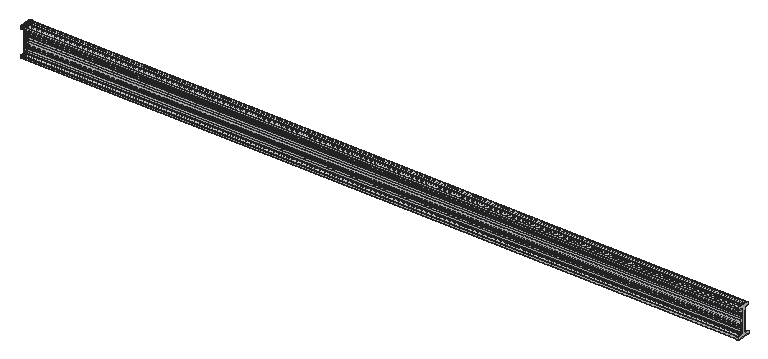
Revit family "Xbeam - 10m Beam Only", category Structural Framing, Revit 2017
Family settings
  Structural Framing Length Roundoff = 0 mm
  Section Shape = Not Defined
  Material for Model Behavior = Other
  Always export as geometry = No
  Work Plane-Based = No
  Always vertical = Yes
  Cut with Voids When Loaded = No
  Symbolic Representation = From Family
  Shared = No
  Show family pre-cut in plan views = Yes
Parameters
  Real Primary Bearer Lenght = 10000 mm
Reference planes
  plane 1 "Center (Front/Back)": y = 0
  plane 2: z = 0
  plane 3 "Center (Left/Right)": x = 0
  plane 4 "Primary Bearer Lenght": x = 10000
  plane 5: x = 1.6
  plane 6: x = 9998.4
  plane 7: y = -82.5
  plane 8: y = -165
Forms (mm)
  Extrusion 1, solid
    sketch origin (0, 0, 0) x (0, 1, 0) y (0, 0, 1)
      loop
        line (-0.678, 34.308) -> (-62.78, 38.65)
        arc (-62.78, 38.65) -> (-63.292, 38.894) -> (-63.5, 39.423) r 0.774
        line (-63.5, 39.423) -> (-63.5, 43.996) -> (-64.144, 44.529) -> (-63.5, 45.004) -> (-63.5, 48.967) -> (-64.8, 47.667) -> (-64.8, 35.048) -> (-63.5, 35.048) -> (-63.5, 36.51)
        arc (-63.5, 36.51) -> (-63.296, 36.979) -> (-62.815, 37.149) r 0.64
        line (-62.815, 37.149) -> (-4.73, 33.087)
        arc (-4.73, 33.087) -> (-4.069, 32.772) -> (-3.8, 32.09) r 1
        arc (-3.8, 32.09) -> (-3.406, 30.553) -> (-2.323, 29.394) r 3.2
        arc (-2.323, 29.394) -> (-1.59, 29.462) -> (-1.474, 30.188) r 0.6
        arc (-1.474, 30.188) -> (-1.845, 30.564) -> (-2.359, 30.688) r 0.963
        arc (-2.359, 30.688) -> (-2.867, 31.704) -> (-2.446, 32.76) r 1.389
        arc (-2.446, 32.76) -> (-1.679, 32.934) -> (-1.174, 32.33) r 0.755
        arc (-1.174, 32.33) -> (-0.734, 31.492) -> (0, 32.091) r 0.611
        line (0, 32.091) -> (0, 33.581)
        arc (0, 33.581) -> (-0.196, 34.078) -> (-0.678, 34.308) r 0.728
    from 1.6 to 9998.4
  Extrusion 2, solid
    sketch origin (0, 0, 0) x (0, 1, 0) y (0, 0, 1)
      loop
        line (-3, 2.8) -> (-12.75, 2.8) -> (-52.43, 2.8)
        arc (-52.43, 2.8) -> (-53.23, 3.6) -> (-54.03, 2.8) r 0.8
        line (-54.03, 2.8) -> (-63.5, 2.8) -> (-63.5, 3.946) -> (-64.119, 4.656) -> (-63.5, 5.677) -> (-63.5, 6.477) -> (-64.03, 7.085) -> (-63.5, 7.684) -> (-63.5, 8.977) -> (-64.03, 9.585) -> (-63.5, 10.184) -> (-63.5, 11.477) -> (-64.03, 12.085) -> (-63.5, 12.684) -> (-63.5, 13.977) -> (-64.03, 14.585) -> (-63.5, 15.184) -> (-63.5, 16.477) -> (-64.03, 17.085) -> (-63.5, 17.684) -> (-63.5, 18.977) -> (-64.03, 19.585) -> (-63.5, 20.184) -> (-63.5, 21.477) -> (-64.03, 22.085) -> (-63.5, 22.684) -> (-63.5, 23.977) -> (-64.03, 24.585) -> (-63.5, 25.184) -> (-63.5, 26.477) -> (-64.03, 27.085) -> (-63.5, 27.684) -> (-63.5, 34.299)
        arc (-63.5, 34.299) -> (-63.93, 34.702) -> (-64.5, 34.848) r 1.185
        arc (-64.5, 34.848) -> (-64.854, 34.995) -> (-65, 35.348) r 0.5
        line (-65, 35.348) -> (-65, 37.776) -> (-65.5, 39.274) -> (-65.5, 41.598) -> (-65, 42.921) -> (-65, 47.75) -> (-63.5, 49.25) -> (-63.5, 50.051) -> (-65.5, 50.051) -> (-65.5, 138.65)
        arc (-65.5, 138.65) -> (-66.063, 139.383) -> (-66.917, 139.029) r 0.759
        line (-66.917, 139.029) -> (-68.3, 136.633) -> (-68.3, 132.637) -> (-67.766, 132.042) -> (-68.3, 131.439) -> (-68.3, 130.127) -> (-67.766, 129.531) -> (-68.3, 128.928) -> (-68.3, 127.616) -> (-67.766, 127.02) -> (-68.3, 126.417) -> (-68.3, 125.105) -> (-67.766, 124.509) -> (-68.3, 123.907) -> (-68.3, 122.594) -> (-67.766, 121.999) -> (-68.3, 121.396) -> (-68.3, 120.083) -> (-67.766, 119.488) -> (-68.3, 118.885) -> (-68.3, 117.573) -> (-67.766, 116.977) -> (-68.3, 116.374) -> (-68.3, 115.062) -> (-67.766, 114.466) -> (-68.3, 113.863) -> (-68.3, 111.84) -> (-68.8, 110.926) -> (-68.8, 107.393)
        arc (-68.8, 107.393) -> (-69.023, 106.856) -> (-69.56, 106.633) r 0.76
        line (-69.56, 106.633) -> (-75.665, 106.633)
        arc (-75.665, 106.633) -> (-76.156, 106.8) -> (-76.445, 107.232) r 0.808
        line (-76.445, 107.232) -> (-77.686, 111.864)
        arc (-77.686, 111.864) -> (-78.057, 112.419) -> (-78.688, 112.633) r 1.037
        line (-78.688, 112.633) -> (-91.978, 112.633)
        arc (-91.978, 112.633) -> (-92.983, 113.05) -> (-93.4, 114.055) r 1.422
        line (-93.4, 114.055) -> (-93.4, 139.541)
        arc (-93.4, 139.541) -> (-93.158, 140.125) -> (-92.574, 140.367) r 0.826
        line (-92.574, 140.367) -> (-90.789, 140.367)
        arc (-90.789, 140.367) -> (-90.313, 140.206) -> (-90.034, 139.788) r 0.781
        line (-90.034, 139.788) -> (-89.654, 138.368)
        arc (-89.654, 138.368) -> (-88.306, 137.59) -> (-87.529, 138.938) r 1.1
        line (-87.529, 138.938) -> (-88.428, 142.292)
        arc (-88.428, 142.292) -> (-88.705, 142.707) -> (-89.177, 142.867) r 0.776
        line (-89.177, 142.867) -> (-95.38, 142.867)
        arc (-95.38, 142.867) -> (-95.96, 142.627) -> (-96.2, 142.047) r 0.82
        line (-96.2, 142.047) -> (-96.2, 136.131) -> (-95.666, 135.536) -> (-96.2, 134.933) -> (-96.2, 133.62) -> (-95.666, 133.025) -> (-96.2, 132.422) -> (-96.2, 131.11) -> (-95.666, 130.514) -> (-96.2, 129.911) -> (-96.2, 128.599) -> (-95.666, 128.003) -> (-96.2, 127.4) -> (-96.2, 126.088) -> (-95.666, 125.492) -> (-96.2, 124.89) -> (-96.2, 123.577) -> (-95.666, 122.982) -> (-96.2, 122.379) -> (-96.2, 121.066) -> (-95.666, 120.471) -> (-96.2, 119.868) -> (-96.2, 118.556) -> (-95.666, 117.96) -> (-96.2, 117.357) -> (-96.2, 115.574) -> (-96.7, 114.708) -> (-96.7, 112.265)
        arc (-96.7, 112.265) -> (-96.763, 111.784) -> (-96.949, 111.335) r 1.86
        line (-96.949, 111.335) -> (-99.092, 107.625)
        arc (-99.092, 107.625) -> (-99.396, 106.889) -> (-99.5, 106.101) r 3.048
        line (-99.5, 106.101) -> (-99.5, 76.404) -> (-99.5, 50.051) -> (-101.5, 50.051) -> (-101.5, 49.25) -> (-100, 47.75) -> (-100, 42.921) -> (-99.5, 41.598) -> (-99.5, 39.274) -> (-100, 37.776) -> (-100, 35.348)
        arc (-100, 35.348) -> (-100.146, 34.995) -> (-100.5, 34.848) r 0.5
        arc (-100.5, 34.848) -> (-101.07, 34.702) -> (-101.5, 34.299) r 1.185
        line (-101.5, 34.299) -> (-101.5, 27.684) -> (-100.97, 27.085) -> (-101.5, 26.477) -> (-101.5, 25.184) -> (-100.97, 24.585) -> (-101.5, 23.977) -> (-101.5, 22.684) -> (-100.97, 22.085) -> (-101.5, 21.477) -> (-101.5, 20.184) -> (-100.97, 19.585) -> (-101.5, 18.977) -> (-101.5, 17.684) -> (-100.97, 17.085) -> (-101.5, 16.477) -> (-101.5, 15.184) -> (-100.97, 14.585) -> (-101.5, 13.977) -> (-101.5, 12.684) -> (-100.97, 12.085) -> (-101.5, 11.477) -> (-101.5, 10.184) -> (-100.97, 9.585) -> (-101.5, 8.977) -> (-101.5, 7.684) -> (-100.97, 7.085) -> (-101.5, 6.477) -> (-101.5, 5.677) -> (-100.881, 4.656) -> (-101.5, 3.946) -> (-101.5, 2.8) -> (-110.97, 2.8)
        arc (-110.97, 2.8) -> (-111.77, 3.6) -> (-112.57, 2.8) r 0.8
        line (-112.57, 2.8) -> (-152.25, 2.8) -> (-162, 2.8) -> (-162, 3.946) -> (-162.53, 4.554) -> (-162, 5.154) -> (-162, 6.446) -> (-162.53, 7.054) -> (-162, 7.654) -> (-162, 8.946) -> (-162.53, 9.554) -> (-162, 10.154) -> (-162, 11.446) -> (-162.53, 12.054) -> (-162, 12.654) -> (-162, 13.946) -> (-162.53, 14.554) -> (-162, 15.154) -> (-162, 16.446) -> (-162.53, 17.054) -> (-162, 17.654) -> (-162, 18.946) -> (-162.53, 19.554) -> (-162, 20.154) -> (-162, 21.446) -> (-162.53, 22.054) -> (-162, 22.654) -> (-162, 23.946) -> (-162.53, 24.554) -> (-162, 25.154) -> (-162, 26.446) -> (-162.53, 27.054) -> (-162, 27.654) -> (-162, 29.252) -> (-163.328, 29.252)
        arc (-163.328, 29.252) -> (-163.666, 29.906) -> (-163.302, 30.547) r 0.774
        line (-163.302, 30.547) -> (-162.484, 31.394)
        arc (-162.484, 31.394) -> (-162.779, 32.384) -> (-163.721, 31.959) r 0.686
        arc (-163.721, 31.959) -> (-163.957, 31.596) -> (-164.352, 31.418) r 0.774
        arc (-164.352, 31.418) -> (-164.815, 31.166) -> (-165, 30.671) r 0.754
        line (-165, 30.671) -> (-165, 1.941)
        arc (-165, 1.941) -> (-164.431, 0.569) -> (-163.059, 0) r 1.941
        line (-163.059, 0) -> (-82.904, 0) -> (-1.941, 0)
        arc (-1.941, 0) -> (-0.569, 0.569) -> (0, 1.941) r 1.941
        line (0, 1.941) -> (0, 30.671)
        arc (0, 30.671) -> (-0.185, 31.166) -> (-0.648, 31.418) r 0.754
        arc (-0.648, 31.418) -> (-1.043, 31.596) -> (-1.279, 31.959) r 0.774
        arc (-1.279, 31.959) -> (-2.221, 32.384) -> (-2.516, 31.394) r 0.686
        line (-2.516, 31.394) -> (-1.698, 30.547)
        arc (-1.698, 30.547) -> (-1.334, 29.906) -> (-1.672, 29.252) r 0.774
        line (-1.672, 29.252) -> (-3, 29.252) -> (-3, 27.654) -> (-2.47, 27.054) -> (-3, 26.446) -> (-3, 25.154) -> (-2.47, 24.554) -> (-3, 23.946) -> (-3, 22.654) -> (-2.47, 22.054) -> (-3, 21.446) -> (-3, 20.154) -> (-2.47, 19.554) -> (-3, 18.946) -> (-3, 17.654) -> (-2.47, 17.054) -> (-3, 16.446) -> (-3, 15.154) -> (-2.47, 14.554) -> (-3, 13.946) -> (-3, 12.654) -> (-2.47, 12.054) -> (-3, 11.446) -> (-3, 10.154) -> (-2.47, 9.554) -> (-3, 8.946) -> (-3, 7.654) -> (-2.47, 7.054) -> (-3, 6.446) -> (-3, 5.154) -> (-2.47, 4.554) -> (-3, 3.946) -> (-3, 2.8)
      loop
        line (-67.9, 27.587) -> (-68.5, 35.109) -> (-68.5, 63.008)
        arc (-68.5, 63.008) -> (-68.791, 63.709) -> (-69.492, 64) r 0.992
        line (-69.492, 64) -> (-82.904, 64) -> (-95.508, 64)
        arc (-95.508, 64) -> (-96.209, 63.709) -> (-96.5, 63.008) r 0.992
        line (-96.5, 63.008) -> (-96.5, 35.109) -> (-97.1, 27.587) -> (-97.1, 7.002)
        arc (-97.1, 7.002) -> (-96.514, 5.586) -> (-95.098, 5) r 2.002
        line (-95.098, 5) -> (-82.904, 5) -> (-69.902, 5)
        arc (-69.902, 5) -> (-68.486, 5.586) -> (-67.9, 7.002) r 2.002
        line (-67.9, 7.002) -> (-67.9, 27.587)
      loop
        arc (-69.219, 68) -> (-68.569, 68.269) -> (-68.3, 68.919) r 0.919
        line (-68.3, 68.919) -> (-68.3, 102.183)
        arc (-68.3, 102.183) -> (-68.725, 103.208) -> (-69.75, 103.633) r 1.45
        line (-69.75, 103.633) -> (-76.753, 103.633)
        arc (-76.753, 103.633) -> (-78.208, 104.127) -> (-79.061, 105.404) r 2.39
        line (-79.061, 105.404) -> (-79.901, 108.538)
        arc (-79.901, 108.538) -> (-80.429, 109.328) -> (-81.328, 109.633) r 1.478
        line (-81.328, 109.633) -> (-93.935, 109.633)
        arc (-93.935, 109.633) -> (-94.597, 109.456) -> (-95.081, 108.972) r 1.322
        line (-95.081, 108.972) -> (-96.462, 106.58)
        arc (-96.462, 106.58) -> (-96.639, 106.151) -> (-96.7, 105.691) r 1.778
        line (-96.7, 105.691) -> (-96.7, 68.919)
        arc (-96.7, 68.919) -> (-96.431, 68.269) -> (-95.781, 68) r 0.919
        line (-95.781, 68) -> (-82.904, 68) -> (-69.219, 68)
    from 1.6 to 9998.4
  Extrusion 3, solid
    sketch origin (0, -165, 0) x (0, -1, 0) y (0, 0, -1)
      loop
        arc (-0.678, -34.308) -> (-0.196, -34.078) -> (0, -33.581) r 0.728
        line (0, -33.581) -> (0, -32.091)
        arc (0, -32.091) -> (-0.734, -31.492) -> (-1.174, -32.33) r 0.611
        arc (-1.174, -32.33) -> (-1.679, -32.934) -> (-2.446, -32.76) r 0.755
        arc (-2.446, -32.76) -> (-2.867, -31.704) -> (-2.359, -30.688) r 1.389
        arc (-2.359, -30.688) -> (-1.845, -30.564) -> (-1.474, -30.188) r 0.963
        arc (-1.474, -30.188) -> (-1.59, -29.462) -> (-2.323, -29.394) r 0.6
        arc (-2.323, -29.394) -> (-3.406, -30.553) -> (-3.8, -32.09) r 3.2
        arc (-3.8, -32.09) -> (-4.069, -32.772) -> (-4.73, -33.087) r 1
        line (-4.73, -33.087) -> (-62.815, -37.149)
        arc (-62.815, -37.149) -> (-63.296, -36.979) -> (-63.5, -36.51) r 0.64
        line (-63.5, -36.51) -> (-63.5, -35.048) -> (-64.8, -35.048) -> (-64.8, -47.667) -> (-63.5, -48.967) -> (-63.5, -45.004) -> (-64.144, -44.529) -> (-63.5, -43.996) -> (-63.5, -39.423)
        arc (-63.5, -39.423) -> (-63.292, -38.894) -> (-62.78, -38.65) r 0.774
        line (-62.78, -38.65) -> (-0.678, -34.308)
    from 1.6 to 9998.4
  Extrusion 4, solid
    sketch origin (0, 0, 0) x (0, 1, 0) y (0, 0, 1)
      loop
        arc (-68.391, 220.994) -> (-68.7, 221.74) -> (-69.447, 222.049) r 1.056
        line (-69.447, 222.049) -> (-82.904, 222.049) -> (-95.549, 222.049)
        arc (-95.549, 222.049) -> (-96.293, 221.741) -> (-96.601, 220.997) r 1.053
        line (-96.601, 220.997) -> (-96.601, 178.712)
        arc (-96.601, 178.712) -> (-96.334, 178.067) -> (-95.689, 177.8) r 0.912
        line (-95.689, 177.8) -> (-69.32, 177.8)
        arc (-69.32, 177.8) -> (-68.663, 178.072) -> (-68.391, 178.729) r 0.929
        line (-68.391, 178.729) -> (-68.391, 220.994)
      loop
        line (-65.5, 143.899) -> (-65.5, 288.579)
        arc (-65.5, 288.579) -> (-66.063, 289.312) -> (-66.917, 288.959) r 0.759
        line (-66.917, 288.959) -> (-68.3, 286.562) -> (-68.3, 282.567) -> (-67.766, 281.971) -> (-68.3, 281.368) -> (-68.3, 280.056) -> (-67.766, 279.46) -> (-68.3, 278.858) -> (-68.3, 277.545) -> (-67.766, 276.95) -> (-68.3, 276.347) -> (-68.3, 275.034) -> (-67.766, 274.439) -> (-68.3, 273.836) -> (-68.3, 272.524) -> (-67.766, 271.928) -> (-68.3, 271.325) -> (-68.3, 270.013) -> (-67.766, 269.417) -> (-68.3, 268.814) -> (-68.3, 267.502) -> (-67.766, 266.906) -> (-68.3, 266.304) -> (-68.3, 264.991) -> (-67.766, 264.396) -> (-68.3, 263.793) -> (-68.3, 261.769) -> (-68.8, 260.855) -> (-68.8, 257.322)
        arc (-68.8, 257.322) -> (-69.023, 256.785) -> (-69.56, 256.562) r 0.76
        line (-69.56, 256.562) -> (-75.665, 256.562)
        arc (-75.665, 256.562) -> (-76.156, 256.729) -> (-76.445, 257.161) r 0.808
        line (-76.445, 257.161) -> (-77.686, 261.793)
        arc (-77.686, 261.793) -> (-78.057, 262.348) -> (-78.688, 262.562) r 1.037
        line (-78.688, 262.562) -> (-91.978, 262.562)
        arc (-91.978, 262.562) -> (-92.983, 262.979) -> (-93.4, 263.984) r 1.422
        line (-93.4, 263.984) -> (-93.4, 289.47)
        arc (-93.4, 289.47) -> (-93.158, 290.054) -> (-92.574, 290.296) r 0.826
        line (-92.574, 290.296) -> (-90.789, 290.296)
        arc (-90.789, 290.296) -> (-90.313, 290.135) -> (-90.034, 289.717) r 0.781
        line (-90.034, 289.717) -> (-89.654, 288.297)
        arc (-89.654, 288.297) -> (-88.306, 287.52) -> (-87.529, 288.867) r 1.1
        line (-87.529, 288.867) -> (-88.428, 292.221)
        arc (-88.428, 292.221) -> (-88.705, 292.636) -> (-89.177, 292.796) r 0.776
        line (-89.177, 292.796) -> (-95.38, 292.796)
        arc (-95.38, 292.796) -> (-95.96, 292.556) -> (-96.2, 291.976) r 0.82
        line (-96.2, 291.976) -> (-96.2, 286.061) -> (-95.666, 285.465) -> (-96.2, 284.862) -> (-96.2, 283.55) -> (-95.666, 282.954) -> (-96.2, 282.351) -> (-96.2, 281.039) -> (-95.666, 280.443) -> (-96.2, 279.841) -> (-96.2, 278.528) -> (-95.666, 277.933) -> (-96.2, 277.33) -> (-96.2, 276.017) -> (-95.666, 275.422) -> (-96.2, 274.819) -> (-96.2, 273.507) -> (-95.666, 272.911) -> (-96.2, 272.308) -> (-96.2, 270.996) -> (-95.666, 270.4) -> (-96.2, 269.797) -> (-96.2, 268.485) -> (-95.666, 267.889) -> (-96.2, 267.287) -> (-96.2, 265.503) -> (-96.7, 264.637) -> (-96.7, 262.195)
        arc (-96.7, 262.195) -> (-96.763, 261.713) -> (-96.949, 261.265) r 1.86
        line (-96.949, 261.265) -> (-99.092, 257.554)
        arc (-99.092, 257.554) -> (-99.396, 256.819) -> (-99.5, 256.03) r 3.048
        line (-99.5, 256.03) -> (-99.5, 226.333) -> (-99.5, 199.98) -> (-99.5, 111.35)
        arc (-99.5, 111.35) -> (-98.937, 110.617) -> (-98.083, 110.971) r 0.759
        line (-98.083, 110.971) -> (-96.7, 113.367) -> (-96.7, 117.363) -> (-97.234, 117.958) -> (-96.7, 118.561) -> (-96.7, 119.873) -> (-97.234, 120.469) -> (-96.7, 121.072) -> (-96.7, 122.384) -> (-97.234, 122.98) -> (-96.7, 123.583) -> (-96.7, 124.895) -> (-97.234, 125.491) -> (-96.7, 126.093) -> (-96.7, 127.406) -> (-97.234, 128.001) -> (-96.7, 128.604) -> (-96.7, 129.917) -> (-97.234, 130.512) -> (-96.7, 131.115) -> (-96.7, 132.427) -> (-97.234, 133.023) -> (-96.7, 133.626) -> (-96.7, 134.938) -> (-97.234, 135.534) -> (-96.7, 136.137) -> (-96.7, 138.16) -> (-96.2, 139.074) -> (-96.2, 142.607)
        arc (-96.2, 142.607) -> (-95.977, 143.144) -> (-95.44, 143.367) r 0.76
        line (-95.44, 143.367) -> (-89.335, 143.367)
        arc (-89.335, 143.367) -> (-88.844, 143.2) -> (-88.555, 142.768) r 0.808
        line (-88.555, 142.768) -> (-87.314, 138.136)
        arc (-87.314, 138.136) -> (-86.943, 137.581) -> (-86.312, 137.367) r 1.037
        line (-86.312, 137.367) -> (-73.022, 137.367)
        arc (-73.022, 137.367) -> (-72.017, 136.95) -> (-71.6, 135.945) r 1.422
        line (-71.6, 135.945) -> (-71.6, 110.459)
        arc (-71.6, 110.459) -> (-71.842, 109.875) -> (-72.426, 109.633) r 0.826
        line (-72.426, 109.633) -> (-74.211, 109.633)
        arc (-74.211, 109.633) -> (-74.687, 109.794) -> (-74.966, 110.212) r 0.781
        line (-74.966, 110.212) -> (-75.346, 111.632)
        arc (-75.346, 111.632) -> (-76.694, 112.41) -> (-77.471, 111.062) r 1.1
        line (-77.471, 111.062) -> (-76.572, 107.708)
        arc (-76.572, 107.708) -> (-76.295, 107.293) -> (-75.823, 107.133) r 0.776
        line (-75.823, 107.133) -> (-69.62, 107.133)
        arc (-69.62, 107.133) -> (-69.04, 107.373) -> (-68.8, 107.953) r 0.82
        line (-68.8, 107.953) -> (-68.8, 113.869) -> (-69.334, 114.464) -> (-68.8, 115.067) -> (-68.8, 116.38) -> (-69.334, 116.975) -> (-68.8, 117.578) -> (-68.8, 118.89) -> (-69.334, 119.486) -> (-68.8, 120.089) -> (-68.8, 121.401) -> (-69.334, 121.997) -> (-68.8, 122.6) -> (-68.8, 123.912) -> (-69.334, 124.508) -> (-68.8, 125.11) -> (-68.8, 126.423) -> (-69.334, 127.018) -> (-68.8, 127.621) -> (-68.8, 128.934) -> (-69.334, 129.529) -> (-68.8, 130.132) -> (-68.8, 131.444) -> (-69.334, 132.04) -> (-68.8, 132.643) -> (-68.8, 134.426) -> (-68.3, 135.292) -> (-68.3, 137.735)
        arc (-68.3, 137.735) -> (-68.237, 138.216) -> (-68.051, 138.665) r 1.86
        line (-68.051, 138.665) -> (-65.908, 142.375)
        arc (-65.908, 142.375) -> (-65.604, 143.111) -> (-65.5, 143.899) r 3.048
      loop
        arc (-69.219, 226) -> (-68.569, 226.269) -> (-68.3, 226.919) r 0.919
        line (-68.3, 226.919) -> (-68.3, 252.112)
        arc (-68.3, 252.112) -> (-68.725, 253.138) -> (-69.75, 253.562) r 1.45
        line (-69.75, 253.562) -> (-76.753, 253.562)
        arc (-76.753, 253.562) -> (-78.208, 254.056) -> (-79.061, 255.334) r 2.39
        line (-79.061, 255.334) -> (-79.901, 258.467)
        arc (-79.901, 258.467) -> (-80.429, 259.257) -> (-81.328, 259.562) r 1.478
        line (-81.328, 259.562) -> (-93.935, 259.562)
        arc (-93.935, 259.562) -> (-94.597, 259.385) -> (-95.081, 258.901) r 1.322
        line (-95.081, 258.901) -> (-96.462, 256.509)
        arc (-96.462, 256.509) -> (-96.639, 256.08) -> (-96.7, 255.62) r 1.778
        line (-96.7, 255.62) -> (-96.7, 226.919)
        arc (-96.7, 226.919) -> (-96.431, 226.269) -> (-95.781, 226) r 0.919
        line (-95.781, 226) -> (-82.904, 226) -> (-69.219, 226)
      loop
        arc (-95.743, 174) -> (-96.42, 173.72) -> (-96.7, 173.043) r 0.957
        line (-96.7, 173.043) -> (-96.7, 147.817)
        arc (-96.7, 147.817) -> (-96.275, 146.792) -> (-95.25, 146.367) r 1.45
        line (-95.25, 146.367) -> (-88.247, 146.367)
        arc (-88.247, 146.367) -> (-86.792, 145.873) -> (-85.939, 144.596) r 2.39
        line (-85.939, 144.596) -> (-85.099, 141.462)
        arc (-85.099, 141.462) -> (-84.571, 140.672) -> (-83.672, 140.367) r 1.478
        line (-83.672, 140.367) -> (-71.065, 140.367)
        arc (-71.065, 140.367) -> (-70.403, 140.544) -> (-69.919, 141.028) r 1.322
        line (-69.919, 141.028) -> (-68.538, 143.42)
        arc (-68.538, 143.42) -> (-68.361, 143.849) -> (-68.3, 144.309) r 1.778
        line (-68.3, 144.309) -> (-68.3, 173.025)
        arc (-68.3, 173.025) -> (-68.586, 173.714) -> (-69.275, 174) r 0.975
        line (-69.275, 174) -> (-95.743, 174)
    from 1.6 to 9998.4
  Extrusion 5, solid
    sketch origin (0, 0, 400) x (0, 1, 0) y (0, 0, 1)
      loop
        arc (-0.678, -34.308) -> (-0.196, -34.078) -> (0, -33.581) r 0.728
        line (0, -33.581) -> (0, -32.091)
        arc (0, -32.091) -> (-0.734, -31.492) -> (-1.174, -32.33) r 0.611
        arc (-1.174, -32.33) -> (-1.679, -32.934) -> (-2.446, -32.76) r 0.755
        arc (-2.446, -32.76) -> (-2.867, -31.704) -> (-2.359, -30.688) r 1.389
        arc (-2.359, -30.688) -> (-1.845, -30.564) -> (-1.474, -30.188) r 0.963
        arc (-1.474, -30.188) -> (-1.59, -29.462) -> (-2.323, -29.394) r 0.6
        arc (-2.323, -29.394) -> (-3.406, -30.553) -> (-3.8, -32.09) r 3.2
        arc (-3.8, -32.09) -> (-4.069, -32.772) -> (-4.73, -33.087) r 1
        line (-4.73, -33.087) -> (-62.815, -37.149)
        arc (-62.815, -37.149) -> (-63.296, -36.979) -> (-63.5, -36.51) r 0.64
        line (-63.5, -36.51) -> (-63.5, -35.048) -> (-64.8, -35.048) -> (-64.8, -47.667) -> (-63.5, -48.967) -> (-63.5, -45.004) -> (-64.144, -44.529) -> (-63.5, -43.996) -> (-63.5, -39.423)
        arc (-63.5, -39.423) -> (-63.292, -38.894) -> (-62.78, -38.65) r 0.774
        line (-62.78, -38.65) -> (-0.678, -34.308)
    from 1.6 to 9998.4
  Extrusion 6, solid
    sketch origin (0, -165, 400) x (0, -1, 0) y (0, 0, -1)
      loop
        line (-0.678, 34.308) -> (-62.78, 38.65)
        arc (-62.78, 38.65) -> (-63.292, 38.894) -> (-63.5, 39.423) r 0.774
        line (-63.5, 39.423) -> (-63.5, 43.996) -> (-64.144, 44.529) -> (-63.5, 45.004) -> (-63.5, 48.967) -> (-64.8, 47.667) -> (-64.8, 35.048) -> (-63.5, 35.048) -> (-63.5, 36.51)
        arc (-63.5, 36.51) -> (-63.296, 36.979) -> (-62.815, 37.149) r 0.64
        line (-62.815, 37.149) -> (-4.73, 33.087)
        arc (-4.73, 33.087) -> (-4.069, 32.772) -> (-3.8, 32.09) r 1
        arc (-3.8, 32.09) -> (-3.406, 30.553) -> (-2.323, 29.394) r 3.2
        arc (-2.323, 29.394) -> (-1.59, 29.462) -> (-1.474, 30.188) r 0.6
        arc (-1.474, 30.188) -> (-1.845, 30.564) -> (-2.359, 30.688) r 0.963
        arc (-2.359, 30.688) -> (-2.867, 31.704) -> (-2.446, 32.76) r 1.389
        arc (-2.446, 32.76) -> (-1.679, 32.934) -> (-1.174, 32.33) r 0.755
        arc (-1.174, 32.33) -> (-0.734, 31.492) -> (0, 32.091) r 0.611
        line (0, 32.091) -> (0, 33.581)
        arc (0, 33.581) -> (-0.196, 34.078) -> (-0.678, 34.308) r 0.728
    from 1.6 to 9998.4
  Extrusion 7, solid
    sketch origin (0, -165, 400) x (0, -1, 0) y (0, 0, -1)
      loop
        line (-3, 2.8) -> (-12.75, 2.8) -> (-52.43, 2.8)
        arc (-52.43, 2.8) -> (-53.23, 3.6) -> (-54.03, 2.8) r 0.8
        line (-54.03, 2.8) -> (-63.5, 2.8) -> (-63.5, 3.946) -> (-64.119, 4.656) -> (-63.5, 5.677) -> (-63.5, 6.477) -> (-64.03, 7.085) -> (-63.5, 7.684) -> (-63.5, 8.977) -> (-64.03, 9.585) -> (-63.5, 10.184) -> (-63.5, 11.477) -> (-64.03, 12.085) -> (-63.5, 12.684) -> (-63.5, 13.977) -> (-64.03, 14.585) -> (-63.5, 15.184) -> (-63.5, 16.477) -> (-64.03, 17.085) -> (-63.5, 17.684) -> (-63.5, 18.977) -> (-64.03, 19.585) -> (-63.5, 20.184) -> (-63.5, 21.477) -> (-64.03, 22.085) -> (-63.5, 22.684) -> (-63.5, 23.977) -> (-64.03, 24.585) -> (-63.5, 25.184) -> (-63.5, 26.477) -> (-64.03, 27.085) -> (-63.5, 27.684) -> (-63.5, 34.299)
        arc (-63.5, 34.299) -> (-63.93, 34.702) -> (-64.5, 34.848) r 1.185
        arc (-64.5, 34.848) -> (-64.854, 34.995) -> (-65, 35.348) r 0.5
        line (-65, 35.348) -> (-65, 37.776) -> (-65.5, 39.274) -> (-65.5, 41.598) -> (-65, 42.921) -> (-65, 47.75) -> (-63.5, 49.25) -> (-63.5, 50.051) -> (-65.5, 50.051) -> (-65.5, 138.65)
        arc (-65.5, 138.65) -> (-66.063, 139.383) -> (-66.917, 139.029) r 0.759
        line (-66.917, 139.029) -> (-68.3, 136.633) -> (-68.3, 132.637) -> (-67.766, 132.042) -> (-68.3, 131.439) -> (-68.3, 130.127) -> (-67.766, 129.531) -> (-68.3, 128.928) -> (-68.3, 127.616) -> (-67.766, 127.02) -> (-68.3, 126.417) -> (-68.3, 125.105) -> (-67.766, 124.509) -> (-68.3, 123.907) -> (-68.3, 122.594) -> (-67.766, 121.999) -> (-68.3, 121.396) -> (-68.3, 120.083) -> (-67.766, 119.488) -> (-68.3, 118.885) -> (-68.3, 117.573) -> (-67.766, 116.977) -> (-68.3, 116.374) -> (-68.3, 115.062) -> (-67.766, 114.466) -> (-68.3, 113.863) -> (-68.3, 111.84) -> (-68.8, 110.926) -> (-68.8, 107.393)
        arc (-68.8, 107.393) -> (-69.023, 106.856) -> (-69.56, 106.633) r 0.76
        line (-69.56, 106.633) -> (-75.665, 106.633)
        arc (-75.665, 106.633) -> (-76.156, 106.8) -> (-76.445, 107.232) r 0.808
        line (-76.445, 107.232) -> (-77.686, 111.864)
        arc (-77.686, 111.864) -> (-78.057, 112.419) -> (-78.688, 112.633) r 1.037
        line (-78.688, 112.633) -> (-91.978, 112.633)
        arc (-91.978, 112.633) -> (-92.983, 113.05) -> (-93.4, 114.055) r 1.422
        line (-93.4, 114.055) -> (-93.4, 139.541)
        arc (-93.4, 139.541) -> (-93.158, 140.125) -> (-92.574, 140.367) r 0.826
        line (-92.574, 140.367) -> (-90.789, 140.367)
        arc (-90.789, 140.367) -> (-90.313, 140.206) -> (-90.034, 139.788) r 0.781
        line (-90.034, 139.788) -> (-89.654, 138.368)
        arc (-89.654, 138.368) -> (-88.306, 137.59) -> (-87.529, 138.938) r 1.1
        line (-87.529, 138.938) -> (-88.428, 142.292)
        arc (-88.428, 142.292) -> (-88.705, 142.707) -> (-89.177, 142.867) r 0.776
        line (-89.177, 142.867) -> (-95.38, 142.867)
        arc (-95.38, 142.867) -> (-95.96, 142.627) -> (-96.2, 142.047) r 0.82
        line (-96.2, 142.047) -> (-96.2, 136.131) -> (-95.666, 135.536) -> (-96.2, 134.933) -> (-96.2, 133.62) -> (-95.666, 133.025) -> (-96.2, 132.422) -> (-96.2, 131.11) -> (-95.666, 130.514) -> (-96.2, 129.911) -> (-96.2, 128.599) -> (-95.666, 128.003) -> (-96.2, 127.4) -> (-96.2, 126.088) -> (-95.666, 125.492) -> (-96.2, 124.89) -> (-96.2, 123.577) -> (-95.666, 122.982) -> (-96.2, 122.379) -> (-96.2, 121.066) -> (-95.666, 120.471) -> (-96.2, 119.868) -> (-96.2, 118.556) -> (-95.666, 117.96) -> (-96.2, 117.357) -> (-96.2, 115.574) -> (-96.7, 114.708) -> (-96.7, 112.265)
        arc (-96.7, 112.265) -> (-96.763, 111.784) -> (-96.949, 111.335) r 1.86
        line (-96.949, 111.335) -> (-99.092, 107.625)
        arc (-99.092, 107.625) -> (-99.396, 106.889) -> (-99.5, 106.101) r 3.048
        line (-99.5, 106.101) -> (-99.5, 76.404) -> (-99.5, 50.051) -> (-101.5, 50.051) -> (-101.5, 49.25) -> (-100, 47.75) -> (-100, 42.921) -> (-99.5, 41.598) -> (-99.5, 39.274) -> (-100, 37.776) -> (-100, 35.348)
        arc (-100, 35.348) -> (-100.146, 34.995) -> (-100.5, 34.848) r 0.5
        arc (-100.5, 34.848) -> (-101.07, 34.702) -> (-101.5, 34.299) r 1.185
        line (-101.5, 34.299) -> (-101.5, 27.684) -> (-100.97, 27.085) -> (-101.5, 26.477) -> (-101.5, 25.184) -> (-100.97, 24.585) -> (-101.5, 23.977) -> (-101.5, 22.684) -> (-100.97, 22.085) -> (-101.5, 21.477) -> (-101.5, 20.184) -> (-100.97, 19.585) -> (-101.5, 18.977) -> (-101.5, 17.684) -> (-100.97, 17.085) -> (-101.5, 16.477) -> (-101.5, 15.184) -> (-100.97, 14.585) -> (-101.5, 13.977) -> (-101.5, 12.684) -> (-100.97, 12.085) -> (-101.5, 11.477) -> (-101.5, 10.184) -> (-100.97, 9.585) -> (-101.5, 8.977) -> (-101.5, 7.684) -> (-100.97, 7.085) -> (-101.5, 6.477) -> (-101.5, 5.677) -> (-100.881, 4.656) -> (-101.5, 3.946) -> (-101.5, 2.8) -> (-110.97, 2.8)
        arc (-110.97, 2.8) -> (-111.77, 3.6) -> (-112.57, 2.8) r 0.8
        line (-112.57, 2.8) -> (-152.25, 2.8) -> (-162, 2.8) -> (-162, 3.946) -> (-162.53, 4.554) -> (-162, 5.154) -> (-162, 6.446) -> (-162.53, 7.054) -> (-162, 7.654) -> (-162, 8.946) -> (-162.53, 9.554) -> (-162, 10.154) -> (-162, 11.446) -> (-162.53, 12.054) -> (-162, 12.654) -> (-162, 13.946) -> (-162.53, 14.554) -> (-162, 15.154) -> (-162, 16.446) -> (-162.53, 17.054) -> (-162, 17.654) -> (-162, 18.946) -> (-162.53, 19.554) -> (-162, 20.154) -> (-162, 21.446) -> (-162.53, 22.054) -> (-162, 22.654) -> (-162, 23.946) -> (-162.53, 24.554) -> (-162, 25.154) -> (-162, 26.446) -> (-162.53, 27.054) -> (-162, 27.654) -> (-162, 29.252) -> (-163.328, 29.252)
        arc (-163.328, 29.252) -> (-163.666, 29.906) -> (-163.302, 30.547) r 0.774
        line (-163.302, 30.547) -> (-162.484, 31.394)
        arc (-162.484, 31.394) -> (-162.779, 32.384) -> (-163.721, 31.959) r 0.686
        arc (-163.721, 31.959) -> (-163.957, 31.596) -> (-164.352, 31.418) r 0.774
        arc (-164.352, 31.418) -> (-164.815, 31.166) -> (-165, 30.671) r 0.754
        line (-165, 30.671) -> (-165, 1.941)
        arc (-165, 1.941) -> (-164.431, 0.569) -> (-163.059, 0) r 1.941
        line (-163.059, 0) -> (-82.904, 0) -> (-1.941, 0)
        arc (-1.941, 0) -> (-0.569, 0.569) -> (0, 1.941) r 1.941
        line (0, 1.941) -> (0, 30.671)
        arc (0, 30.671) -> (-0.185, 31.166) -> (-0.648, 31.418) r 0.754
        arc (-0.648, 31.418) -> (-1.043, 31.596) -> (-1.279, 31.959) r 0.774
        arc (-1.279, 31.959) -> (-2.221, 32.384) -> (-2.516, 31.394) r 0.686
        line (-2.516, 31.394) -> (-1.698, 30.547)
        arc (-1.698, 30.547) -> (-1.334, 29.906) -> (-1.672, 29.252) r 0.774
        line (-1.672, 29.252) -> (-3, 29.252) -> (-3, 27.654) -> (-2.47, 27.054) -> (-3, 26.446) -> (-3, 25.154) -> (-2.47, 24.554) -> (-3, 23.946) -> (-3, 22.654) -> (-2.47, 22.054) -> (-3, 21.446) -> (-3, 20.154) -> (-2.47, 19.554) -> (-3, 18.946) -> (-3, 17.654) -> (-2.47, 17.054) -> (-3, 16.446) -> (-3, 15.154) -> (-2.47, 14.554) -> (-3, 13.946) -> (-3, 12.654) -> (-2.47, 12.054) -> (-3, 11.446) -> (-3, 10.154) -> (-2.47, 9.554) -> (-3, 8.946) -> (-3, 7.654) -> (-2.47, 7.054) -> (-3, 6.446) -> (-3, 5.154) -> (-2.47, 4.554) -> (-3, 3.946) -> (-3, 2.8)
      loop
        line (-67.9, 27.587) -> (-68.5, 35.109) -> (-68.5, 63.008)
        arc (-68.5, 63.008) -> (-68.791, 63.709) -> (-69.492, 64) r 0.992
        line (-69.492, 64) -> (-82.904, 64) -> (-95.508, 64)
        arc (-95.508, 64) -> (-96.209, 63.709) -> (-96.5, 63.008) r 0.992
        line (-96.5, 63.008) -> (-96.5, 35.109) -> (-97.1, 27.587) -> (-97.1, 7.002)
        arc (-97.1, 7.002) -> (-96.514, 5.586) -> (-95.098, 5) r 2.002
        line (-95.098, 5) -> (-82.904, 5) -> (-69.902, 5)
        arc (-69.902, 5) -> (-68.486, 5.586) -> (-67.9, 7.002) r 2.002
        line (-67.9, 7.002) -> (-67.9, 27.587)
      loop
        arc (-69.219, 68) -> (-68.569, 68.269) -> (-68.3, 68.919) r 0.919
        line (-68.3, 68.919) -> (-68.3, 102.183)
        arc (-68.3, 102.183) -> (-68.725, 103.208) -> (-69.75, 103.633) r 1.45
        line (-69.75, 103.633) -> (-76.753, 103.633)
        arc (-76.753, 103.633) -> (-78.208, 104.127) -> (-79.061, 105.404) r 2.39
        line (-79.061, 105.404) -> (-79.901, 108.538)
        arc (-79.901, 108.538) -> (-80.429, 109.328) -> (-81.328, 109.633) r 1.478
        line (-81.328, 109.633) -> (-93.935, 109.633)
        arc (-93.935, 109.633) -> (-94.597, 109.456) -> (-95.081, 108.972) r 1.322
        line (-95.081, 108.972) -> (-96.462, 106.58)
        arc (-96.462, 106.58) -> (-96.639, 106.151) -> (-96.7, 105.691) r 1.778
        line (-96.7, 105.691) -> (-96.7, 68.919)
        arc (-96.7, 68.919) -> (-96.431, 68.269) -> (-95.781, 68) r 0.919
        line (-95.781, 68) -> (-82.904, 68) -> (-69.219, 68)
    from 1.6 to 9998.4
  Extrusion 8, solid, not visible
    sketch origin (0, 0, 0) x (1, 0, 0) y (0, 1, 0)
      loop
        line (500.767, 409.35) -> (382.467, 291.051) -> (697.606, 235.483) -> (651.018, 409.35) -> (500.767, 409.35)
    from 0 to 250
  Extrusion 9, solid, not visible
    sketch origin (-7.408, 84.677, 0) x (1, 0, 0) y (0, 1, 0)
      loop
        line (445.825, 324.673) -> (571.531, 324.673) -> (571.531, 480.432) -> (641.531, 480.432) -> (627.098, 455.432) -> (652.098, 455.432) -> (663.09, 517.773) -> (528.09, 517.773) -> (445.825, 324.673)
    from 0 to 250
Dimensions and locks
  "Real Primary Bearer Lenght": plane 4 "Primary Bearer Lenght" to plane 3 "Center (Left/Right)"
  locked: plane 6 to plane 4 "Primary Bearer Lenght" at 1.6
  locked: plane 3 "Center (Left/Right)" to plane 5 at 1.6
  aligned and locked: level to plane 2
  aligned and locked: plane 6 to Extrusion 3
  aligned and locked: plane 6 to Extrusion 6
  aligned and locked: plane 6 to Extrusion 1
  aligned and locked: plane 6 to Extrusion 5
  aligned and locked: plane 6 to Extrusion 4
  aligned and locked: plane 6 to Extrusion 2
  aligned and locked: plane 6 to Extrusion 7
  aligned and locked: Extrusion 3 to plane 5
  aligned and locked: Extrusion 7 to plane 5
  aligned and locked: Extrusion 2 to plane 5
  aligned and locked: Extrusion 6 to plane 5
  aligned and locked: Extrusion 5 to plane 5
  aligned and locked: Extrusion 1 to plane 5
  aligned and locked: Extrusion 4 to plane 5
  aligned and locked: plane 3 "Center (Left/Right)" to nested 1
  aligned and locked: plane 4 "Primary Bearer Lenght" to nested 2
Automatic sketch dimensions
  Extrusion 1 sketch curve to plane 1 "Center (Front/Back)" = 0 mm
  plane 1 "Center (Front/Back)" to Extrusion 1 sketch curve = 0.6 mm
  Extrusion 1 sketch curve to Extrusion 1 sketch curve = 0.011 mm
  plane 1 "Center (Front/Back)" to Extrusion 1 sketch curve = 0.678 mm
  Extrusion 1 sketch curve to Extrusion 1 sketch curve = 0.051 mm
  Extrusion 1 sketch curve to Extrusion 1 sketch curve = 0.868 mm
  Extrusion 1 sketch curve to Extrusion 1 sketch curve = 0.441 mm
  Extrusion 1 sketch curve to Extrusion 1 sketch curve = 0.521 mm
  Extrusion 1 sketch curve to Extrusion 1 sketch curve = 0.318 mm
  Extrusion 1 sketch curve to Extrusion 1 sketch curve = 2.81 mm
  Extrusion 1 sketch curve to Extrusion 1 sketch curve = 0.07 mm
  Extrusion 1 sketch curve to Extrusion 1 sketch curve = 57.995 mm
  level to Extrusion 1 sketch curve = 38.65 mm
  Extrusion 1 sketch curve to Extrusion 1 sketch curve = 0.054 mm
  Extrusion 1 sketch curve to Extrusion 1 sketch curve = 0.036 mm
  Extrusion 1 sketch curve to Extrusion 1 sketch curve = 0.045 mm
  Extrusion 1 sketch curve to Extrusion 1 sketch curve = 0.64 mm
  Extrusion 1 sketch curve to Extrusion 1 sketch curve = 0.774 mm  (x2)
  Extrusion 1 sketch curve to Extrusion 1 sketch curve = 0.644 mm
  Extrusion 1 sketch curve to Extrusion 1 sketch curve = 1.3 mm  (x2)
  Extrusion 1 sketch curve to Extrusion 1 sketch curve = 1.501 mm
  Extrusion 1 sketch curve to Extrusion 1 sketch curve = 1.462 mm
  level to Extrusion 1 sketch curve = 34.308 mm
  Extrusion 1 sketch curve to Extrusion 1 sketch curve = 0.494 mm
  Extrusion 1 sketch curve to Extrusion 1 sketch curve = 1.363 mm
  Extrusion 1 sketch curve to Extrusion 1 sketch curve = 0.127 mm
  Extrusion 1 sketch curve to Extrusion 1 sketch curve = 0 mm  (x3)
  Extrusion 1 sketch curve to Extrusion 1 sketch curve = 0.998 mm
  Extrusion 1 sketch curve to Extrusion 1 sketch curve = 0.455 mm
  Extrusion 1 sketch curve to Extrusion 1 sketch curve = 1.863 mm
  Extrusion 1 sketch curve to Extrusion 1 sketch curve = 0.174 mm
  Extrusion 1 sketch curve to Extrusion 1 sketch curve = 4.574 mm
  Extrusion 1 sketch curve to Extrusion 1 sketch curve = 0.532 mm
  Extrusion 1 sketch curve to Extrusion 1 sketch curve = 0.475 mm
  Extrusion 1 sketch curve to Extrusion 1 sketch curve = 2.664 mm
  Extrusion 1 sketch curve to Extrusion 1 sketch curve = 0.562 mm
  Extrusion 1 sketch curve to Extrusion 1 sketch curve = 0.526 mm
  Extrusion 1 sketch curve to Extrusion 1 sketch curve = 0.359 mm
  Extrusion 2 sketch curve to level = 0 mm
  Extrusion 2 sketch curve to plane 1 "Center (Front/Back)" = 0 mm
  plane 1 "Center (Front/Back)" to Extrusion 2 sketch curve = 0.539 mm
  Extrusion 2 sketch curve to Extrusion 2 sketch curve = 0.754 mm  (x2)
  plane 1 "Center (Front/Back)" to Extrusion 2 sketch curve = 1.672 mm
  Extrusion 2 sketch curve to Extrusion 2 sketch curve = 0.944 mm  (x2)
  Extrusion 2 sketch curve to Extrusion 2 sketch curve = 0.238 mm
  plane 1 "Center (Front/Back)" to Extrusion 2 sketch curve = 1.941 mm
  Extrusion 2 sketch curve to Extrusion 2 sketch curve = 0.41 mm  (x3)
  plane 1 "Center (Front/Back)" to Extrusion 2 sketch curve = 2.47 mm  (x9)
  Extrusion 2 sketch curve to Extrusion 2 sketch curve = 0.798 mm
  Extrusion 2 sketch curve to Extrusion 2 sketch curve = 0.58 mm  (x2)
  Extrusion 2 sketch curve to Extrusion 2 sketch curve = 0.53 mm  (x37)
  Extrusion 2 sketch curve to Extrusion 2 sketch curve = 1.059 mm  (x2)
  Extrusion 2 sketch curve to Extrusion 2 sketch curve = 0.893 mm  (x2)
  level to Extrusion 2 sketch curve = 2.8 mm  (x2)
  Extrusion 2 sketch curve to Extrusion 2 sketch curve = 9.75 mm  (x2)
  Extrusion 2 sketch curve to Extrusion 2 sketch curve = 39.68 mm  (x2)
  Extrusion 2 sketch curve to Extrusion 2 sketch curve = 0.8 mm  (x4)
  Extrusion 2 sketch curve to Extrusion 2 sketch curve = 9.47 mm  (x3)
  Extrusion 2 sketch curve to Extrusion 2 sketch curve = 0 mm  (x43)
  level to Extrusion 2 sketch curve = 13.977 mm  (x2)
  level to Extrusion 2 sketch curve = 8.977 mm  (x2)
  level to Extrusion 2 sketch curve = 24.585 mm  (x2)
  level to Extrusion 2 sketch curve = 22.085 mm  (x2)
  level to Extrusion 2 sketch curve = 27.085 mm  (x2)
  level to Extrusion 2 sketch curve = 17.085 mm  (x2)
  level to Extrusion 2 sketch curve = 12.085 mm  (x2)
  level to Extrusion 2 sketch curve = 19.585 mm  (x2)
  level to Extrusion 2 sketch curve = 9.585 mm  (x2)
  level to Extrusion 2 sketch curve = 14.585 mm  (x2)
  level to Extrusion 2 sketch curve = 7.085 mm  (x2)
  level to Extrusion 2 sketch curve = 4.656 mm  (x2)
  Extrusion 2 sketch curve to Extrusion 2 sketch curve = 0.619 mm  (x3)
  Extrusion 2 sketch curve to Extrusion 2 sketch curve = 1 mm
  Extrusion 2 sketch curve to Extrusion 2 sketch curve = 0.5 mm  (x9)
  Extrusion 2 sketch curve to Extrusion 2 sketch curve = 1.5 mm  (x4)
  Extrusion 2 sketch curve to Extrusion 2 sketch curve = 2 mm
  Extrusion 2 sketch curve to Extrusion 2 sketch curve = 0.759 mm
  Extrusion 2 sketch curve to Extrusion 2 sketch curve = 0.657 mm
  Extrusion 2 sketch curve to Extrusion 2 sketch curve = 1.507 mm
  Extrusion 2 sketch curve to Extrusion 2 sketch curve = 3.87 mm  (x3)
  Extrusion 2 sketch curve to Extrusion 2 sketch curve = 0.534 mm  (x17)
  Extrusion 2 sketch curve to Extrusion 2 sketch curve = 1.383 mm
  Extrusion 2 sketch curve to Extrusion 2 sketch curve = 3.5 mm
  Extrusion 2 sketch curve to Extrusion 2 sketch curve = 0.919 mm  (x2)
  Extrusion 2 sketch curve to Extrusion 2 sketch curve = 0.992 mm
  Extrusion 2 sketch curve to Extrusion 2 sketch curve = 0.76 mm
  Extrusion 2 sketch curve to Extrusion 2 sketch curve = 1.45 mm
  Extrusion 2 sketch curve to Extrusion 2 sketch curve = 2.002 mm
  Extrusion 2 sketch curve to Extrusion 2 sketch curve = 6.105 mm
  Extrusion 2 sketch curve to Extrusion 2 sketch curve = 0.78 mm
  Extrusion 2 sketch curve to Extrusion 2 sketch curve = 1.088 mm
  Extrusion 2 sketch curve to Extrusion 2 sketch curve = 1.241 mm
  Extrusion 2 sketch curve to Extrusion 2 sketch curve = 1.002 mm
  Extrusion 2 sketch curve to Extrusion 2 sketch curve = 2.309 mm
  Extrusion 2 sketch curve to Extrusion 2 sketch curve = 0.84 mm
  Extrusion 2 sketch curve to Extrusion 2 sketch curve = 1.428 mm
  level to Extrusion 2 sketch curve = 5 mm
  Extrusion 2 sketch curve to Extrusion 2 sketch curve = 13.002 mm
  Extrusion 2 sketch curve to Extrusion 2 sketch curve = 13.411 mm
  Extrusion 2 sketch curve to Extrusion 2 sketch curve = 19.229 mm
  Extrusion 2 sketch curve to Extrusion 2 sketch curve = 0.899 mm
  Extrusion 2 sketch curve to Extrusion 2 sketch curve = 1.063 mm  (x2)
  Extrusion 2 sketch curve to Extrusion 2 sketch curve = 0.749 mm
  Extrusion 2 sketch curve to Extrusion 2 sketch curve = 0.38 mm
  Extrusion 2 sketch curve to Extrusion 2 sketch curve = 10.65 mm
  Extrusion 2 sketch curve to Extrusion 2 sketch curve = 1.785 mm
  Extrusion 2 sketch curve to Extrusion 2 sketch curve = 1.422 mm
  Extrusion 2 sketch curve to Extrusion 2 sketch curve = 1.958 mm
  Extrusion 2 sketch curve to Extrusion 2 sketch curve = 0.986 mm
  Extrusion 2 sketch curve to Extrusion 2 sketch curve = 1.145 mm
  level to Extrusion 2 sketch curve = 7.002 mm
  Extrusion 2 sketch curve to Extrusion 2 sketch curve = 12.195 mm
  Extrusion 2 sketch curve to Extrusion 2 sketch curve = 2.806 mm
  Extrusion 2 sketch curve to Extrusion 2 sketch curve = 12.604 mm
  Extrusion 2 sketch curve to Extrusion 2 sketch curve = 2.266 mm  (x2)
  Extrusion 2 sketch curve to Extrusion 2 sketch curve = 0.273 mm
  Extrusion 2 sketch curve to Extrusion 2 sketch curve = 0.82 mm
  Extrusion 2 sketch curve to Extrusion 2 sketch curve = 1.53 mm
  Extrusion 2 sketch curve to Extrusion 2 sketch curve = 0.01 mm
  Extrusion 2 sketch curve to Extrusion 2 sketch curve = 0.6 mm
  Extrusion 2 sketch curve to Extrusion 2 sketch curve = 0.249 mm
  Extrusion 2 sketch curve to Extrusion 2 sketch curve = 1.86 mm
  Extrusion 2 sketch curve to Extrusion 2 sketch curve = 2.63 mm
  Extrusion 2 sketch curve to Extrusion 2 sketch curve = 3 mm  (x2)
  level to Extrusion 2 sketch curve = 39.274 mm
  level to Extrusion 2 sketch curve = 42.921 mm
  level to Extrusion 2 sketch curve = 37.776 mm
  Extrusion 2 sketch curve to Extrusion 2 sketch curve = 3.781 mm
  Extrusion 2 sketch curve to Extrusion 2 sketch curve = 0.088 mm
  level to Extrusion 2 sketch curve = 26.477 mm
  level to Extrusion 2 sketch curve = 27.684 mm
  level to Extrusion 2 sketch curve = 23.977 mm
  level to Extrusion 2 sketch curve = 21.477 mm
  level to Extrusion 2 sketch curve = 18.977 mm
  level to Extrusion 2 sketch curve = 49.25 mm
  level to Extrusion 2 sketch curve = 16.477 mm
  level to Extrusion 2 sketch curve = 11.477 mm
  level to Extrusion 2 sketch curve = 5.677 mm
  level to Extrusion 2 sketch curve = 3.946 mm
  level to Extrusion 2 sketch curve = 26.446 mm
  level to Extrusion 2 sketch curve = 23.946 mm
  level to Extrusion 2 sketch curve = 31.394 mm
  Extrusion 2 sketch curve to Extrusion 2 sketch curve = 0.484 mm
  level to Extrusion 2 sketch curve = 22.054 mm
  level to Extrusion 2 sketch curve = 4.554 mm
  level to Extrusion 2 sketch curve = 19.554 mm
  level to Extrusion 2 sketch curve = 24.554 mm
  level to Extrusion 2 sketch curve = 17.054 mm
  level to Extrusion 2 sketch curve = 14.554 mm
  level to Extrusion 2 sketch curve = 27.054 mm
  level to Extrusion 2 sketch curve = 12.054 mm
  level to Extrusion 2 sketch curve = 9.554 mm
  level to Extrusion 2 sketch curve = 7.054 mm
  level to Extrusion 2 sketch curve = 30.547 mm
  Extrusion 2 sketch curve to Extrusion 2 sketch curve = 0.436 mm
  Extrusion 2 sketch curve to Extrusion 2 sketch curve = 1.397 mm
  Extrusion 2 sketch curve to Extrusion 2 sketch curve = 1.941 mm
  Extrusion 2 sketch curve to Extrusion 2 sketch curve = 0.709 mm
  Extrusion 2 sketch curve to Extrusion 2 sketch curve = 1.146 mm
  Extrusion 2 sketch curve to Extrusion 2 sketch curve = 0.608 mm  (x24)
  Extrusion 2 sketch curve to Extrusion 2 sketch curve = 0.599 mm  (x38)
  Extrusion 2 sketch curve to Extrusion 2 sketch curve = 1.021 mm
  Extrusion 2 sketch curve to Extrusion 2 sketch curve = 1.293 mm  (x9)
  Extrusion 2 sketch curve to Extrusion 2 sketch curve = 0.502 mm  (x2)
  Extrusion 2 sketch curve to Extrusion 2 sketch curve = 1.295 mm
  Extrusion 2 sketch curve to Extrusion 2 sketch curve = 1.598 mm
  Extrusion 2 sketch curve to Extrusion 2 sketch curve = 0.639 mm
  Extrusion 2 sketch curve to Extrusion 2 sketch curve = 0.124 mm  (x2)
  Extrusion 2 sketch curve to Extrusion 2 sketch curve = 0.847 mm
  Extrusion 2 sketch curve to Extrusion 2 sketch curve = 0.366 mm  (x2)
  Extrusion 2 sketch curve to Extrusion 2 sketch curve = 0.423 mm  (x2)
  Extrusion 2 sketch curve to Extrusion 2 sketch curve = 4.112 mm
  Extrusion 2 sketch curve to Extrusion 2 sketch curve = 5.979 mm
  Extrusion 2 sketch curve to Extrusion 2 sketch curve = 0.636 mm  (x2)
  Extrusion 2 sketch curve to Extrusion 2 sketch curve = 0.261 mm  (x2)
  Extrusion 2 sketch curve to Extrusion 2 sketch curve = 2.427 mm
  Extrusion 2 sketch curve to Extrusion 2 sketch curve = 1.499 mm
  Extrusion 2 sketch curve to Extrusion 2 sketch curve = 1.323 mm  (x2)
  Extrusion 2 sketch curve to Extrusion 2 sketch curve = 2.324 mm
  Extrusion 2 sketch curve to Extrusion 2 sketch curve = 4.829 mm
  Extrusion 2 sketch curve to Extrusion 2 sketch curve = 0.801 mm  (x2)
  Extrusion 2 sketch curve to Extrusion 2 sketch curve = 12.957 mm
  Extrusion 2 sketch curve to Extrusion 2 sketch curve = 4 mm
  Extrusion 2 sketch curve to Extrusion 2 sketch curve = 7.484 mm
  Extrusion 2 sketch curve to Extrusion 2 sketch curve = 33.263 mm
  Extrusion 2 sketch curve to Extrusion 2 sketch curve = 1.771 mm
  Extrusion 2 sketch curve to Extrusion 2 sketch curve = 0.286 mm
  Extrusion 2 sketch curve to Extrusion 2 sketch curve = 0.61 mm
  Extrusion 2 sketch curve to Extrusion 2 sketch curve = 2.751 mm
  Extrusion 2 sketch curve to Extrusion 2 sketch curve = 2.62 mm
  Extrusion 2 sketch curve to Extrusion 2 sketch curve = 0.383 mm
  Extrusion 2 sketch curve to Extrusion 2 sketch curve = 3.533 mm
  Extrusion 2 sketch curve to Extrusion 2 sketch curve = 2.364 mm
  Extrusion 2 sketch curve to Extrusion 2 sketch curve = 1.963 mm
  Extrusion 2 sketch curve to Extrusion 2 sketch curve = 0.914 mm
  Extrusion 2 sketch curve to Extrusion 2 sketch curve = 0.268 mm
  Extrusion 2 sketch curve to Extrusion 2 sketch curve = 2.023 mm
  Extrusion 2 sketch curve to Extrusion 2 sketch curve = 0.603 mm  (x16)
  Extrusion 2 sketch curve to Extrusion 2 sketch curve = 2.443 mm
  Extrusion 2 sketch curve to Extrusion 2 sketch curve = 0.596 mm  (x16)
  Extrusion 2 sketch curve to Extrusion 2 sketch curve = 0.866 mm
  Extrusion 2 sketch curve to Extrusion 2 sketch curve = 1.312 mm  (x14)
  Extrusion 2 sketch curve to Extrusion 2 sketch curve = 1.783 mm
  Extrusion 2 sketch curve to Extrusion 2 sketch curve = 3.996 mm
  Extrusion 2 sketch curve to Extrusion 2 sketch curve = 2.833 mm
  Extrusion 2 sketch curve to Extrusion 2 sketch curve = 2.017 mm
  Extrusion 2 sketch curve to Extrusion 2 sketch curve = 0.285 mm
  Extrusion 2 sketch curve to Extrusion 2 sketch curve = 1.173 mm
  Extrusion 2 sketch curve to Extrusion 2 sketch curve = 0.781 mm
  Extrusion 2 sketch curve to Extrusion 2 sketch curve = 2.506 mm
  Extrusion 2 sketch curve to Extrusion 2 sketch curve = 0.776 mm
  Extrusion 3 sketch curve to level = 47.667 mm
  Extrusion 3 sketch curve to plane 1 "Center (Front/Back)" = 100.2 mm
  Extrusion 3 sketch curve to level = 44.529 mm
  Extrusion 3 sketch curve to Extrusion 3 sketch curve = 0.656 mm
  Extrusion 3 sketch curve to Extrusion 3 sketch curve = 1.3 mm  (x3)
  Extrusion 3 sketch curve to Extrusion 3 sketch curve = 0.644 mm
  Extrusion 3 sketch curve to Extrusion 3 sketch curve = 0.64 mm
  Extrusion 3 sketch curve to level = 37.149 mm
  Extrusion 3 sketch curve to Extrusion 3 sketch curve = 0.045 mm
  Extrusion 3 sketch curve to level = 38.65 mm
  Extrusion 3 sketch curve to Extrusion 3 sketch curve = 0.72 mm
  Extrusion 3 sketch curve to Extrusion 3 sketch curve = 0.054 mm
  Extrusion 3 sketch curve to Extrusion 3 sketch curve = 58.06 mm
  Extrusion 3 sketch curve to level = 33.087 mm
  Extrusion 3 sketch curve to Extrusion 3 sketch curve = 0.07 mm
  Extrusion 3 sketch curve to Extrusion 3 sketch curve = 2.482 mm
  Extrusion 3 sketch curve to Extrusion 3 sketch curve = 0.318 mm
  Extrusion 3 sketch curve to Extrusion 3 sketch curve = 0.079 mm
  Extrusion 3 sketch curve to Extrusion 3 sketch curve = 0.441 mm
  Extrusion 3 sketch curve to Extrusion 3 sketch curve = 1.192 mm
  Extrusion 3 sketch curve to level = 34.308 mm
  Extrusion 3 sketch curve to Extrusion 3 sketch curve = 0.051 mm
  Extrusion 3 sketch curve to Extrusion 3 sketch curve = 0.868 mm
  Extrusion 3 sketch curve to Extrusion 3 sketch curve = 0.011 mm
  Extrusion 3 sketch curve to Extrusion 3 sketch curve = 0.6 mm
  Extrusion 3 sketch curve to Extrusion 3 sketch curve = 1.363 mm
  Extrusion 3 sketch curve to Extrusion 3 sketch curve = 0.127 mm
  Extrusion 3 sketch curve to Extrusion 3 sketch curve = 0 mm  (x4)
  Extrusion 3 sketch curve to Extrusion 3 sketch curve = 0.998 mm
  Extrusion 3 sketch curve to Extrusion 3 sketch curve = 0.455 mm
  Extrusion 3 sketch curve to Extrusion 3 sketch curve = 1.863 mm
  Extrusion 3 sketch curve to Extrusion 3 sketch curve = 0.174 mm
  Extrusion 3 sketch curve to Extrusion 3 sketch curve = 1.462 mm
  Extrusion 3 sketch curve to Extrusion 3 sketch curve = 0.532 mm
  Extrusion 3 sketch curve to Extrusion 3 sketch curve = 0.475 mm
  Extrusion 3 sketch curve to Extrusion 3 sketch curve = 0.526 mm
  Extrusion 3 sketch curve to Extrusion 3 sketch curve = 0.359 mm
  plane 1 "Center (Front/Back)" to Extrusion 4 sketch curve = 99.5 mm
  Extrusion 4 sketch curve to Extrusion 4 sketch curve = 0.408 mm  (x2)
  Extrusion 4 sketch curve to Extrusion 4 sketch curve = 0.759 mm
  Extrusion 4 sketch curve to Extrusion 4 sketch curve = 0.532 mm
  Extrusion 4 sketch curve to Extrusion 4 sketch curve = 0.657 mm  (x2)
  Extrusion 4 sketch curve to Extrusion 4 sketch curve = 1.507 mm
  Extrusion 4 sketch curve to Extrusion 4 sketch curve = 0 mm  (x28)
  Extrusion 4 sketch curve to Extrusion 4 sketch curve = 1.61 mm  (x2)
  Extrusion 4 sketch curve to Extrusion 4 sketch curve = 0.534 mm  (x33)
  Extrusion 4 sketch curve to Extrusion 4 sketch curve = 1.383 mm  (x2)
  Extrusion 4 sketch curve to Extrusion 4 sketch curve = 1.86 mm
  Extrusion 4 sketch curve to Extrusion 4 sketch curve = 2.8 mm  (x3)
  Extrusion 4 sketch curve to Extrusion 4 sketch curve = 0.099 mm
  Extrusion 4 sketch curve to Extrusion 4 sketch curve = 0.238 mm
  Extrusion 4 sketch curve to Extrusion 4 sketch curve = 0.248 mm  (x2)
  Extrusion 4 sketch curve to Extrusion 4 sketch curve = 0.5 mm  (x5)
  Extrusion 4 sketch curve to Extrusion 4 sketch curve = 0.919 mm  (x2)
  Extrusion 4 sketch curve to Extrusion 4 sketch curve = 0.957 mm
  Extrusion 4 sketch curve to Extrusion 4 sketch curve = 0.912 mm
  Extrusion 4 sketch curve to Extrusion 4 sketch curve = 1.053 mm
  Extrusion 4 sketch curve to Extrusion 4 sketch curve = 0.76 mm  (x2)
  Extrusion 4 sketch curve to Extrusion 4 sketch curve = 0.82 mm
  Extrusion 4 sketch curve to Extrusion 4 sketch curve = 1.45 mm
  Extrusion 4 sketch curve to Extrusion 4 sketch curve = 1.381 mm
  Extrusion 4 sketch curve to Extrusion 4 sketch curve = 1.53 mm  (x2)
  Extrusion 4 sketch curve to Extrusion 4 sketch curve = 1.145 mm  (x2)
  Extrusion 4 sketch curve to Extrusion 4 sketch curve = 0.826 mm  (x2)
  Extrusion 4 sketch curve to Extrusion 4 sketch curve = 1.422 mm
  Extrusion 4 sketch curve to Extrusion 4 sketch curve = 1.785 mm  (x2)
  Extrusion 4 sketch curve to Extrusion 4 sketch curve = 0.754 mm  (x2)
  Extrusion 4 sketch curve to Extrusion 4 sketch curve = 0.38 mm  (x2)
  Extrusion 4 sketch curve to Extrusion 4 sketch curve = 6.105 mm
  Extrusion 4 sketch curve to Extrusion 4 sketch curve = 1.612 mm
  Extrusion 4 sketch curve to Extrusion 4 sketch curve = 1.063 mm  (x4)
  Extrusion 4 sketch curve to Extrusion 4 sketch curve = 0.78 mm  (x2)
  Extrusion 4 sketch curve to Extrusion 4 sketch curve = 0.749 mm  (x2)
  Extrusion 4 sketch curve to Extrusion 4 sketch curve = 1.088 mm
  Extrusion 4 sketch curve to Extrusion 4 sketch curve = 1.241 mm
  Extrusion 4 sketch curve to Extrusion 4 sketch curve = 1.002 mm  (x2)
  Extrusion 4 sketch curve to Extrusion 4 sketch curve = 2.309 mm  (x2)
  Extrusion 4 sketch curve to Extrusion 4 sketch curve = 0.84 mm  (x2)
  Extrusion 4 sketch curve to Extrusion 4 sketch curve = 1.428 mm  (x2)
  Extrusion 4 sketch curve to Extrusion 4 sketch curve = 12.877 mm
  Extrusion 4 sketch curve to Extrusion 4 sketch curve = 10.65 mm  (x2)
  Extrusion 4 sketch curve to Extrusion 4 sketch curve = 2.64 mm
  Extrusion 4 sketch curve to Extrusion 4 sketch curve = 19.229 mm
  Extrusion 4 sketch curve to Extrusion 4 sketch curve = 0.899 mm
  Extrusion 4 sketch curve to Extrusion 4 sketch curve = 0.308 mm
  Extrusion 4 sketch curve to Extrusion 4 sketch curve = 1.958 mm
  Extrusion 4 sketch curve to Extrusion 4 sketch curve = 0.986 mm
  Extrusion 4 sketch curve to Extrusion 4 sketch curve = 5.915 mm
  Extrusion 4 sketch curve to Extrusion 4 sketch curve = 2.806 mm
  Extrusion 4 sketch curve to Extrusion 4 sketch curve = 0.19 mm
  Extrusion 4 sketch curve to Extrusion 4 sketch curve = 13.457 mm
  Extrusion 4 sketch curve to Extrusion 4 sketch curve = 2.266 mm  (x3)
  Extrusion 4 sketch curve to Extrusion 4 sketch curve = 26.369 mm
  Extrusion 4 sketch curve to Extrusion 4 sketch curve = 0.045 mm
  Extrusion 4 sketch curve to Extrusion 4 sketch curve = 0.227 mm
  Extrusion 4 sketch curve to Extrusion 4 sketch curve = 0.01 mm
  Extrusion 4 sketch curve to Extrusion 4 sketch curve = 0.929 mm
  Extrusion 4 sketch curve to Extrusion 4 sketch curve = 0.249 mm
  Extrusion 4 sketch curve to Extrusion 4 sketch curve = 2.63 mm
  level to Extrusion 4 sketch curve = 107.133 mm
  Extrusion 4 sketch curve to Extrusion 4 sketch curve = 0.575 mm
  Extrusion 4 sketch curve to Extrusion 4 sketch curve = 1.68 mm
  Extrusion 4 sketch curve to Extrusion 4 sketch curve = 0.579 mm
  Extrusion 4 sketch curve to Extrusion 4 sketch curve = 3.263 mm
  Extrusion 4 sketch curve to Extrusion 4 sketch curve = 0.851 mm
  Extrusion 4 sketch curve to Extrusion 4 sketch curve = 0.285 mm  (x2)
  Extrusion 4 sketch curve to Extrusion 4 sketch curve = 2.396 mm
  Extrusion 4 sketch curve to Extrusion 4 sketch curve = 3.41 mm
  Extrusion 4 sketch curve to Extrusion 4 sketch curve = 0.596 mm  (x32)
  Extrusion 4 sketch curve to Extrusion 4 sketch curve = 0.603 mm  (x32)
  Extrusion 4 sketch curve to Extrusion 4 sketch curve = 1.312 mm  (x28)
